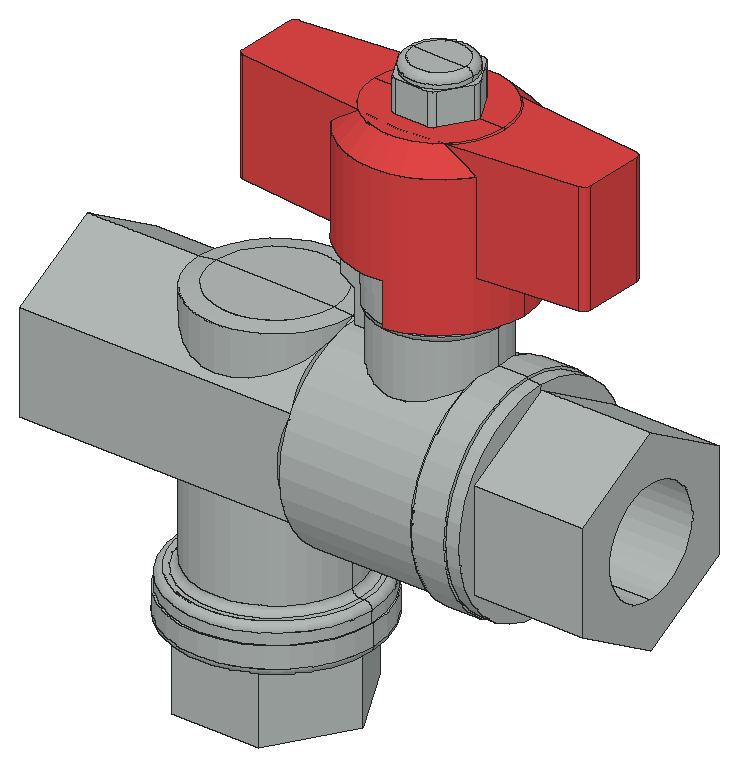
Revit family "QD35100000", category Apparecchi idraulici, Revit 2020
Family settings
  Quota connettore circolare = Usa diametro
  Tipo di parte = Normale
  Numero OmniClass = 23.45.00.00
  Titolo OmniClass = Sanitary, Laundry, and Cleaning Equipment
  Basato su piano di lavoro = No
  Sempre verticale = Sì
  Taglio con vuoti quando caricato = No
  Condiviso = No
  Punto di calcolo locali = No
Parameters
  URL = "https://web.cimberio.it/index.php/figura/588?subcategoria_id=89"
  Temperatura di esercizio = "-20 ÷ 150°C"
  Prospetto di default = 0 mm
  Produttore = "CIMBERIO SPA"
  Pressione nominale = "PN 32"
  Modello = "Cim 620"
  Materiale = "Prodotto in lega di ottone conforme alla norma EN 12165-CW617N-DW"
  Descrizione = "Utilizzato nei più svariati settori dell'impiantistica: impianti di riscaldamento, condizionamento, idrici, igienico-sanitari, aria compressa, reti di distribuzione oli, benzine, vapore saturo e in generale con ogni fluido non corrosivo"
  DN Model [instance] = QD35101015 : QD35101015
  DN [instance] = 15 mm
  Commenti sul tipo = "Realizzato in ottemperanza ai requisiti gestionali della norma EN ISO 9001.\r\nCollaudato al 100% secondo la normativa EN 12266-1"
Reference planes
  plane 1 "Centro (Fronte/Retro)": y = 0
  plane 2: z = 0
  plane 3 "Centro (Sinistra/Destra)": x = 0
Dimensions and locks
  aligned and locked: level to plane 2
Nested families
  nested 1: "QD35101015" at (0, 0, 0), type <- "DN Model", type "QD35101015"
  nested 2: "QD35101015" at (0, 0, 0), type <- "DN Model", type "QD35101015"
  nested 3: "QD35101015" at (0, 0, 0), type <- "DN Model", type "QD35101015"
Connectors
  piping at (30.3, 0, 0), diameter 15, driven by "DN"
    settings: on nested 1, index 1, connector inside diameter 609.6 mm, connector length 0 mm, flow factor 0, pipe flow 0.0 L/s, pressure drop 0.0 Pa, fitting loss kfactor 0, connector angle 0.00°, fixture units 0, engagement length 0 mm, angle of deflection 0.00°, flow configuration 0, flow direction 0, fitting loss method 0, system type 7, joint type 0, gender type 0, connector reference index -1, connector utility 0, adjustable connector no, is connector primary yes, connector description ""
  piping at (-50.5, 0, 0), diameter 15, driven by "DN"
    settings: on nested 1, index 2, connector inside diameter 609.6 mm, connector length 0 mm, flow factor 0, pipe flow 0.0 L/s, pressure drop 0.0 Pa, fitting loss kfactor 0, connector angle 0.00°, fixture units 0, engagement length 0 mm, angle of deflection 0.00°, flow configuration 0, flow direction 0, fitting loss method 0, system type 7, joint type 0, gender type 0, connector reference index -1, connector utility 0, adjustable connector no, is connector primary no, connector description ""
Definition of nested family "QD35101015"
  Parameters (values of type "QD35101015")
    Default Elevation = 0 mm
  Reference planes
    plane 1 "Centro (Fronte/Retro)": y = 0
    plane 2: z = 0
    plane 3 "Centro (Sinistra/Destra)": x = 0
  Forms (mm)
    Extrusion 1, solid
      sketch origin (0, 0, 0) x (0, 0, -1) y (0, 1, 0)
        loop
          circle (0, 0) r 7.5
        loop
          line (-14, 0) -> (-7, -12.124) -> (7, -12.124) -> (14, 0) -> (7, 12.124) -> (-7, 12.124) -> (-14, 0)
      from -50.5 to -11
    Extrusion 2, solid
      sketch origin (0, 0, 0) x (0, 0, 1) y (0, -1, 0)
        loop
          circle (0, 0) r 7.5
        loop
          line (14.05, 0) -> (7.025, 12.168) -> (-7.025, 12.168) -> (-14.05, 0) -> (-7.025, -12.168) -> (7.025, -12.168) -> (14.05, 0)
      from 14.6 to 30.3
    Revolve 3, solid
      sketch origin (0, 0, 2.5) x (1, 0, 0) y (0, 0, 1)
        loop
          line (0, 43.3) -> (-9.25, 43.3) -> (-12.25, 40.3) -> (-12.25, 20.3) -> (-7.802, 20.3) -> (-7.802, 39.889) -> (0, 39.889) -> (0, 43.3)
        axis (0, 43.3) -> (0, 20.3)
      angle from 0 to 360
    Extrusion 4, void
      sketch origin (0, 0, 0) x (1, 0, 0) y (0, 1, 0)
        loop
          arc (-12.226, -0.772) -> (-7.782, -9.46) -> (1.6, -12.145) r 12.25
          line (1.6, -12.145) -> (1.6, -7.898)
          arc (1.6, -7.898) -> (-2.859, -5.409) -> (-4.999, -0.772) r 8.25
          line (-4.999, -0.772) -> (-12.226, -0.772)
      from 21.96 to 28.8
    Extrusion 5, solid
      sketch origin (-0.001, 0, 0) x (1, -0.000098, 0) y (0.000098, 1, 0)
        loop
          arc (-2.307, 5) -> (-2.809, 4.865) -> (-3.177, 4.498) r 1.004
          line (-3.177, 4.498) -> (-5.487, 0.496)
          arc (-5.487, 0.496) -> (-5.62, 0) -> (-5.487, -0.496) r 0.992
          line (-5.487, -0.496) -> (-3.188, -4.478)
          arc (-3.188, -4.478) -> (-2.806, -4.86) -> (-2.284, -5) r 1.043
          line (-2.284, -5) -> (2.288, -5)
          arc (2.288, -5) -> (2.806, -4.861) -> (3.186, -4.481) r 1.038
          line (3.186, -4.481) -> (5.496, -0.481)
          arc (5.496, -0.481) -> (5.625, 0) -> (5.496, 0.481) r 0.963
          line (5.496, 0.481) -> (3.176, 4.499)
          arc (3.176, 4.499) -> (2.809, 4.866) -> (2.309, 5) r 1.001
          line (2.309, 5) -> (-2.307, 5)
      from 45.8 to 50.3
    Revolve 6, solid
      sketch origin (0, 0, 0) x (1, 0, 0) y (0, 0, 1)
        loop
          line (0, 51.8) -> (0, 49.926) -> (4.75, 49.926) -> (4.75, 50.8)
          arc (4.75, 50.8) -> (4.457, 51.507) -> (3.75, 51.8) r 1
          line (3.75, 51.8) -> (0, 51.8)
        axis (0, 51.8) -> (0, 49.926)
      angle from 0 to 360
    Revolve 7, solid
      sketch origin (0, 0, 0) x (1, 0, 0) y (0, 0, 1)
        loop
          line (0.067, 27.3) -> (-9, 27.3) -> (-8.874, 20.742)
          arc (-8.874, 20.742) -> (-8.731, 20.295) -> (-8.367, 20) r 0.819
          line (-8.367, 20) -> (-8.367, 7.3) -> (0.067, 7.3) -> (0.067, 27.3)
        axis (0.067, 7.3) -> (0.067, 27.3)
      angle from 0 to 360
    Revolve 8, solid
      sketch origin (0, 0, 0) x (1, 0, 0) y (0, 0, 1)
        loop
          line (12.6, -7.5) -> (-13.15, -7.5) -> (-13.15, -12.65) -> (-11.5, -14.3) -> (7.5, -14.3)
          arc (7.5, -14.3) -> (7.635, -14.732) -> (8, -15) r 0.726
          line (8, -15) -> (12.6, -15) -> (12.6, -7.5)
        axis (12.6, 0) -> (-13.15, 0)
      angle from 0 to 360
    Revolve 9, solid
      sketch origin (0, 0, 0) x (1, 0, 0) y (0, 0, 1)
        loop
          line (12.6, 14.75) -> (12.6, 7.5) -> (14.6, 7.5) -> (14.6, 14.75) -> (12.6, 14.75)
        axis (12.6, 0) -> (14.6, 0)
      angle from 0 to 360
    Extrusion 10, solid
      sketch origin (0, 0, 0) x (1, 0, 0) y (0, 0, 1)
        loop
          line (-13, 26.3) -> (-13, 20) -> (-11, 18.845) -> (-11, 12.307) -> (-7.367, 12.307) -> (-7.367, 26.3) -> (-13, 26.3)
      from 0 to 1.5
    Extrusion 11, solid
      sketch origin (0, 0, 0) x (1, 0, 0) y (0, 1, 0)
        loop
          line (-25, 4.095) -> (-25, -4.095)
          arc (-25, -4.095) -> (-24.741, -4.766) -> (-24.099, -5.09) r 1
          line (-24.099, -5.09) -> (0, -7.495) -> (24.099, -5.09)
          arc (24.099, -5.09) -> (24.741, -4.766) -> (25, -4.095) r 1
          line (25, -4.095) -> (25, 4.095)
          arc (25, 4.095) -> (24.741, 4.766) -> (24.099, 5.09) r 1
          line (24.099, 5.09) -> (0, 7.495) -> (-24.099, 5.09)
          arc (-24.099, 5.09) -> (-24.741, 4.766) -> (-25, 4.095) r 1
      from 29.84 to 45.713
    Revolve 12, solid
      sketch origin (0, 0, 0) x (1, 0, 0) y (0, 0, 1)
        loop
          line (-37.5, -24.428) -> (-37.5, -27.428)
          arc (-37.5, -27.428) -> (-37.207, -28.135) -> (-36.5, -28.428) r 1
          line (-36.5, -28.428) -> (-31, -28.428) -> (-31, -24.428) -> (-37.5, -24.428)
        axis (-23.5, -28.428) -> (-23.5, -24.428)
      angle from 0 to 360
    Revolve 13, solid
      sketch origin (0, 0, 0) x (1, 0, 0) y (0, 0, 1)
        loop
          line (-31, -21.928) -> (-36.25, -21.928)
          arc (-36.25, -21.928) -> (-36.957, -22.221) -> (-37.25, -22.928) r 1
          line (-37.25, -22.928) -> (-37.25, -24.428) -> (-31, -24.428) -> (-31, -21.928)
        axis (-23.5, -24.428) -> (-23.5, -21.928)
      angle from 0 to 360
    Revolve 14, solid
      sketch origin (0, 0, 0) x (1, 0, 0) y (0, 0, 1)
        loop
          line (-31, -21.928) -> (-31, 11.872) -> (-23.5, 11.872) -> (-23.5, 14.372) -> (-32, 14.372)
          arc (-32, 14.372) -> (-33.259, 14.247) -> (-34.5, 14) r 13.001
          line (-34.5, 14) -> (-34.5, -20.928)
          arc (-34.5, -20.928) -> (-34.793, -21.635) -> (-35.5, -21.928) r 1
          line (-35.5, -21.928) -> (-31, -21.928)
        axis (-23.5, -21.928) -> (-23.5, 14.372)
      angle from 0 to 360
    Extrusion 15, solid
      sketch origin (-23.5, 0, -24.428) x (0, 1, 0) y (1, 0, 0)
        loop
          circle (0, 0) r 7.5
        loop
          line (0, 12.5) -> (-10.825, 6.25) -> (-10.825, -6.25) -> (0, -12.5) -> (10.825, -6.25) -> (10.825, 6.25) -> (0, 12.5)
      from 3 to 14
  Cuts and joins
    Extrusion 4 cuts Revolve 3
    joined: Revolve 7, Revolve 8
    joined: Extrusion 1, Revolve 14
  Dimensions and locks
    aligned and locked: level to plane 2
